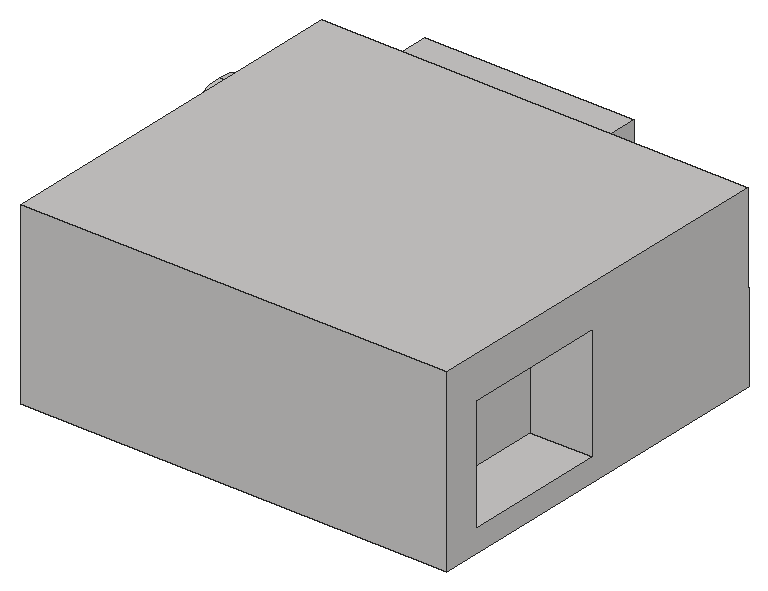
Revit family
Parameters
  Width = 3' - 0 1/8"
  Voltage = 277 V
  Unit Weight = "155.0 lbs"
  UltraLoc Liner = Choose Liner Option = 3  # no
  URL = "http://www.titus-hvac.com/"
  UL = "181"
  Supply Air Flow [instance] = 0 CFM
  SteriLoc Liner = Choose Liner Option = 2  # no
  Primary Air Pressure Drop [instance] = 0.00 in-wg
  Primary Air Flow [instance] = 0 CFM
  Plenum Air Pressure Drop [instance] = 0.00 in-wg
  Plenum Air Flow [instance] = 0 CFM
  Outlet Width = 1' - 2"
  Outlet Vertical Offset = 0' - 1 1/8"
  Outlet Horizontal Offset = 0' - 1 3/8"
  Outlet Height = 0' - 11"
  Number of Poles = 1
  Nominal Width = Width + 0' 6 1/4"  # 3' - 6 3/8"
  Nominal Length = Length + 0' 3 3/8"  # 3' - 8 1/4"
  Nominal Inlet Size = 1' - 0"
  Nominal Height = 1' - 5 1/8"
  NFPA = "90A"
  Motor Full Load Amps = 2.9 A
  Model = "DTQS"
  Min. Air Flow = 0 CFM
  Max. Air Flow = 0 CFM
  Material = Galvanized Steel
  Manufacturer = "Titus"
  Length = 3' - 4 7/8"
  Juction Box Offset = 0' - 4 7/8"
  Inlet Diameter = Nominal Inlet Size - 0' 0 1/8"  # 0' - 11 7/8"
  Induced Air Inlet Offset = 0' - 4 1/2"
  Induced Air Inlet Width = 1' - 1 1/4"
  Induced Air Inlet Height = 1' - 2 1/2"
  Induced Air Filter = no
  Heating Total Capacity [instance] = 0 Btu/h
  Half Outlet Connection Width = Outlet Width / 2  # 0' - 7"
  Half Outlet Connection Height = Outlet Height / 2  # 0' - 5 1/2"
  Half Height Start = -(Nominal Height / 2)  # -0' - 8 9/16"
  Half Height End = Nominal Height / 2  # 0' - 8 9/16"
  HP-Motor = "1/3"
  Frequency = 60 Hz
  Filter Size = "19\"x17\""
  Fiber Free Liner = Choose Liner Option = 1  # no
  Fan Disconnect Switch = no
  Duct Radius = Nominal Inlet Size / 2  # 0' - 6"
  Description = "Series Fan Powered Terminal Unit, Direct Digital Control, Pressure Independent"
  Connection Void Radius = Connection Radius - 0' 0 1/4"  # 0' - 5 11/16"
  Connection Radius = Inlet Diameter / 2  # 0' - 5 15/16"
  Choose Liner Option = 0
  CADworks URL = "www.CADworks.net"
  Assembly Code = "D3040100"
  Apparent Power = Voltage * Motor Full Load Amps  # 803.3 VA
  Air Inlet Offset = 0' - 8"
  1/2" Fiberglass Liner = Choose Liner Option = 0  # yes
Reference planes (in)
  plane 1 "Center (Front/Back)": y = 0
  plane 2: z = 0
  plane 3 "Center (Left/Right)": x = 3
  plane 4: x = -17.4375
  plane 5: x = 23.4375
  plane 6: x = -12.5625
  plane 7: x = -20.8125
  plane 8 "Center (Elevation)": z = 0
  plane 9: y = -18.0625
  plane 10: y = 18.0625
  plane 11: y = 10.0625
  plane 12: y = -13.5625
  plane 13: x = -11.4375
  plane 14: x = 17.4375
  plane 15: y = 24.3125
  plane 16: z = 8.5625
  plane 17: z = -8.5625
Forms (in)
  Extrusion 1, solid, material "Galvanized Steel" <- "Material"
    sketch origin (61, -3.76302, 78.80279) x (1, 0, 0) y (0, 1, 0)
      loop
        line (-78.4375, 21.82552) -> (-78.4375, -14.29948) -> (-37.5625, -14.29948) -> (-37.5625, 21.82552) -> (-78.4375, 21.82552)
    from -87.36529 <- "Half Height Start" to -70.24029 <- "Half Height End"
  Extrusion 2, solid, material "Galvanized Steel" <- "Material"
    sketch origin (6.0625, 0, 42) x (1, 0, 0) y (0, 1, 0)
      loop
        line (-18.625, 18.0625) -> (1.375, 18.0625) -> (1.375, 24.3125) -> (-18.625, 24.3125) -> (-18.625, 18.0625)
    from -48 to -36
  Extrusion 3, void
    sketch origin (23.4375, 18.0625, 76.42779) x (0, 1, 0) y (0, 0, -1)
      loop
        line (-18.625, 71.86529) -> (-18.625, 82.86529) -> (-32.625, 82.86529) -> (-32.625, 71.86529) -> (-18.625, 71.86529)
    from 0 to 6
  Extrusion 4, solid, material "Galvanized Steel" <- "Material"
    sketch origin (-24.875, -0.4375, 0) x (0, 0, -1) y (0, 1, 0)
      loop
        circle (0, 10.5) r 5.9375
    from 4.0625 to 7.4375
  Extrusion 5, void
    sketch origin (-24.875, 0, 0) x (0, 1, 0) y (0, 0, 1)
      loop
        circle (10.0625, 0) r 5.6875
    from 4.0625 to 13.4375
  Extrusion 6, void
    sketch origin (-17.4375, -18.0625, 78.67779) x (0, -1, 0) y (0, 0, -1)
      loop
        line (-17.75, 71.49029) -> (-4.5, 71.49029) -> (-4.5, 85.99029) -> (-17.75, 85.99029) -> (-17.75, 71.49029)
    from 0 to 6
Cuts and joins
  Extrusion 3, Extrusion 5, Extrusion 6 cuts Extrusion 1
  Extrusion 5 cuts Extrusion 4
Dimensions and locks (in)
  "Length": plane 5 to plane 4
  equal spacing: plane 5, plane 3 "Center (Left/Right)", plane 4
  locked: Extrusion 2 to plane 6 at 0
  locked: Extrusion 2 to Extrusion 2 at 20
  "Juction Box Offset": plane 6 to plane 4
  "Outlet Height": Extrusion 3 sketch curve to Extrusion 3 sketch curve
  "Outlet Width": Extrusion 3 sketch curve to Extrusion 3 sketch curve
  locked: plane 4 to plane 7 at 3.375
  "Width": plane 9 to plane 10
  equal spacing: plane 9, plane 1 "Center (Front/Back)", plane 10
  locked: Extrusion 4 sketch curve to level at 0
  locked: Extrusion 4 sketch curve to plane 11 at 0
  locked: Extrusion 5 sketch curve to level at 0
  locked: Extrusion 5 sketch curve to plane 11 at 0
  locked: Extrusion 2 to Extrusion 2 at 6.25
  "Air Inlet Offset": plane 10 to plane 11
  locked: Extrusion 2 to plane 10 at 0
  locked: cut or joined group of Extrusion 4, Extrusion 5 to plane 7 at 0
  locked: cut or joined group of Extrusion 4, Extrusion 5 to cut or joined group of Extrusion 4, Extrusion 5 at 3.375
  "Induced Air Inlet Offset": plane 9 to plane 12
  "Induced Air Inlet Width": Extrusion 6 sketch curve to Extrusion 6 sketch curve
  "Induced Air Inlet Height": Extrusion 6 sketch curve to Extrusion 6 sketch curve
  "Induced Air Inlet Offset": Extrusion 6 sketch curve to plane 9
  locked: plane 9 to Extrusion 3 sketch curve at 3.5
  cut or joined group of Extrusion 1, Extrusion 3, Extrusion 5, Extrusion 6 to Extrusion 6 sketch curve = 0' - 1 3/8"
  cut or joined group of Extrusion 1, Extrusion 3, Extrusion 5, Extrusion 6 to Extrusion 3 sketch curve = 0' - 2 1/8"
  locked: Extrusion 2 to Extrusion 2 at 12
  equal spacing: Extrusion 2, level, Extrusion 2
  locked: cut or joined group of Extrusion 1, Extrusion 3, Extrusion 5, Extrusion 6 to cut or joined group of Extrusion 1, Extrusion 3, Extrusion 5, Extrusion 6 at 17.125
  equal spacing: cut or joined group of Extrusion 1, Extrusion 3, Extrusion 5, Extrusion 6, level, cut or joined group of Extrusion 1, Extrusion 3, Extrusion 5, Extrusion 6
  locked: plane 4 to plane 13 at 6
  locked: plane 14 to plane 5 at 6
  "Connection Radius": radius of Extrusion 4 sketch curve
  "Connection Void Radius": radius of Extrusion 5 sketch curve
  aligned and locked: cut or joined group of Extrusion 1, Extrusion 3, Extrusion 5, Extrusion 6 to plane 10
  aligned and locked: plane 9 to cut or joined group of Extrusion 1, Extrusion 3, Extrusion 5, Extrusion 6
  aligned and locked: plane 5 to cut or joined group of Extrusion 1, Extrusion 3, Extrusion 5, Extrusion 6
  aligned and locked: cut or joined group of Extrusion 1, Extrusion 3, Extrusion 5, Extrusion 6 to plane 4
  aligned and locked: Extrusion 3 to plane 14
  aligned and locked: plane 13 to Extrusion 6
  aligned and locked: Extrusion 6 to Extrusion 5
Automatic sketch dimensions
  plane 4 to Extrusion 1 sketch curve = 0' - 0"
  plane 5 to Extrusion 1 sketch curve = 0' - 0"
  plane 9 to Extrusion 1 sketch curve = 0' - 0"
  plane 10 to Extrusion 1 sketch curve = 0' - 0"
  Extrusion 2 sketch curve to plane 6 = 0' - 0"
  Extrusion 2 sketch curve to plane 10 = 0' - 0"
  plane 3 "Center (Left/Right)" to Extrusion 2 sketch curve = 0' - 4 7/16"
  Extrusion 2 sketch curve to plane 10 = 0' - 6 1/4"
Connectors (in)
  electrical at (-2.5625, 24.3125, 0), driven by "Apparent Power", driven by "Voltage", driven by "Number of Poles"
    settings: on Extrusion 2, index 8
  hvac at (-20.8125, 10.0625, 0), driven by "Primary Air Flow", driven by "Duct Radius", driven by "Primary Air Pressure Drop"
    settings: on cut or joined group of Extrusion 4, Extrusion 5, index 9
  hvac at (-17.4375, -6.9375, -0.0625), driven by "Induced Air Inlet Width", driven by "Induced Air Inlet Height", driven by "Plenum Air Pressure Drop", driven by "Plenum Air Flow"
    settings: on cut or joined group of Extrusion 1, Extrusion 3, Extrusion 5, Extrusion 6, index 14
  hvac at (23.4375, -7.5625, -0.9375), driven by "Supply Air Flow", driven by "Outlet Width", driven by "Outlet Height"
    settings: on cut or joined group of Extrusion 1, Extrusion 3, Extrusion 5, Extrusion 6, index 15
